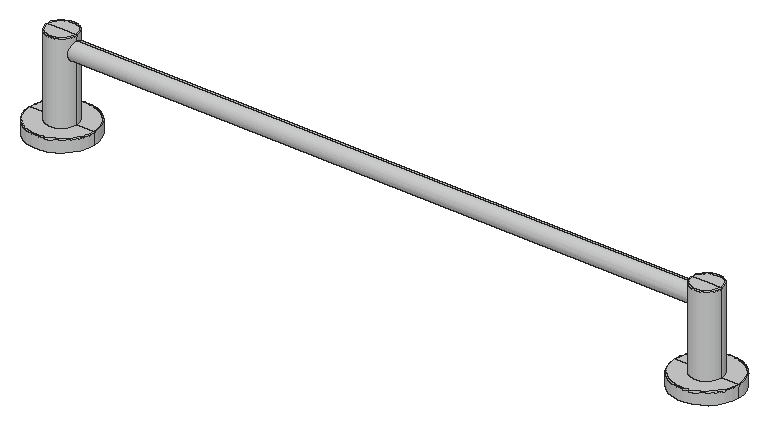
Revit family "TowelRail_Single_Abey_Builders_600_FaceBased", category Specialty Equipment, host Face, Revit 2022
Family settings
  Host = Face
  Round Connector Dimension = Use Diameter
  Part Type = Normal
  OmniClass Number = 23.31.25.25
  OmniClass Title = Towel Bars
  Cut with Voids When Loaded = No
  Maintain Annotation Orientation = No
  Shared = No
  Room Calculation Point = No
Parameters (values of type "Chrome (1AB-STR-600)")
  Uniclass2015Version = "Products v1.38"
  Uniclass2015Title = "Towel rails"
  Uniclass2015Code = "Pr_40_20_76_90"
  URL = "https://www.abey.com.au/"
  Type Comments = "Towel Rail - Single - 600 - Chrome"
  ModifiedIssue = 20251103
  Model = "1AB-STR-600"
  Material = Metal_Abey_Chrome
  ManufacturerURLProductSpecific = "https://www.abeyspecifier.com.au/product/abey-builders-single-towel-rail-600mm/"
  ManufacturerSpecCode = Model  # "1AB-STR-600"
  ManufacturerOverallWidth = 600 mm  # constant formula
  ManufacturerOverallHeight = 55 mm  # constant formula
  ManufacturerOverallDepth = 78 mm  # constant formula
  Manufacturer = "Abey"
  Keynote = ""
  IfcExportType = "NOTDEFINED"
  IfcExportAs = "IfcFurniture"
  Description = "Abey Builders Single Towel Rail 600mm Chrome"
  Default Elevation = 900 mm
  CreatedByURL = "https://igsgroup.com.au"
  CreatedBy = "IGS BIM Solutions"  # constant formula
  Cost = 0
  Assembly Code = "C1030210"
Types (3, lengths in mm): name | Type Comments | Model | Material | ManufacturerURLProductSpecific | ManufacturerSpecCode | Description
  Chrome (1AB-STR-600) | "Towel Rail - Single - 600 - Chrome" | "1AB-STR-600" | Metal_Abey_Chrome | "https://www.abeyspecifier.com.au/product/abey-builders-single-towel-rail-600mm/" | "1AB-STR-600" | "Abey Builders Single Towel Rail 600mm Chrome"
  Brushed Nickel (1AB-STR-600-BN) | "Towel Rail - Single - 600 - Brushed Nickel" | "1AB-STR-600-BN" | Metal_Abey_BrushedNickel | "https://www.abeyspecifier.com.au/product/abey-builders-single-towel-rail-600mm/?attribute_pa_finish=brushed-nickel" | "1AB-STR-600-BN" | "Abey Builders Single Towel Rail 600mm Brushed Nickel"
  Black (1AB-STR-600-B) | "Towel Rail - Single - 600 - Black" | "1AB-STR-600-B" | Metal_Abey_Black | "https://www.abeyspecifier.com.au/product/abey-builders-single-towel-rail-600mm/?attribute_pa_finish=black" | "1AB-STR-600-B" | "Abey Builders Single Towel Rail 600mm Black"
Reference planes
  plane 1 "Top": y = 46.5
  plane 2 "WallFace": z = 0
  plane 3 "Center (Left/Right)": x = -97.18
  plane 4 "Bottom": y = -8.5
  plane 5 "Left": x = -397.18
  plane 6 "Right": x = 202.82
  plane 7 "Back": z = 0
  plane 8 "Front": z = 78
  plane 9 "MountingHeight": y = 19
Text (mm)
  text "Disclaimer:\nDue to ongoing product development and manufacturing evolution, product details are subject to change without notice. Please refer to product technical data sheets on the manufacturers website for the most current product information. Please allow a +/- 5mm manufacturing tolerance for dimensions and set-outs shown in product literature." at (431.593, 11.453, 0), in view "Ref. Level"
Dimensions and locks
  equal spacing: plane 5 "Left", plane 3 "Center (Left/Right)", plane 6 "Right"
  "ManufacturerOverallWidth": plane 5 "Left" to plane 6 "Right"
  "ManufacturerOverallHeight": plane 4 "Bottom" to plane 1 "Top"
  "ManufacturerOverallDepth": plane 8 "Front" to plane 7 "Back"
  equal spacing: plane 4 "Bottom", plane 9 "MountingHeight", plane 1 "Top"
  aligned and locked: plane 2 "WallFace" to host face
  aligned and locked: level to host face
  aligned and locked: plane 7 "Back" to plane 2 "WallFace"
  aligned and locked: plane 7 "Back" to nested 1
  aligned and locked: plane 3 "Center (Left/Right)" to nested 1
  aligned and locked: nested 1 to plane 9 "MountingHeight"
Automatic sketch dimensions
  host sketch curve to host sketch curve = 894.338 mm
  host sketch curve to host sketch curve = 204.032 mm
Nested families
  nested 1: "z_TowelRail_Single_Abey_Builders_600" at (-34.68, 19, 177.5) x (1, 0, 0) z (0, 1, 0), type "Type 1"
Definition of nested family "z_TowelRail_Single_Abey_Builders_600"
  Parameters (values of type "Type 1")
    URL = "https://www.abey.com.au/"
    Type Comments = ""
    Model = ""
    ManufacturerOverallWidth = 600 mm  # constant formula
    ManufacturerOverallHeight = 55 mm  # constant formula
    ManufacturerOverallDepth = 78 mm  # constant formula
    Manufacturer = "Abey"
    Description = ""
    Default Elevation = 0 mm
    CreatedByURL = "https://igsgroup.com.au"
    CreatedBy = "IGS BIM Solutions"  # constant formula
    Material = none
    Assembly Code = "C1030210"
  Reference planes
    plane 1 "Ref. Level": z = 0
    plane 2 "Left": x = -362.5
    plane 3 "Right": x = 237.5
    plane 4 "Back": y = 177.5
    plane 5 "Center (Elevation)": z = 0
    plane 6 "Top": z = 27.5
    plane 7 "Center (Left/Right)": x = -62.5
    plane 8 "Front": y = 99.5
    plane 9 "Bottom": z = -27.5
  Forms (mm)
    Revolve 1, solid, material <- "Material"
      sketch origin (0, 0, 0) x (0, -1, 0) y (1, 0, 0)
        loop
          line (-177.5, -335) -> (-177.5, -362.5) -> (-168, -362.5)
          arc (-168, -362.5) -> (-167.646, -362.354) -> (-167.5, -362) r 0.5
          line (-167.5, -362) -> (-167.5, -347.5) -> (-100, -347.5)
          arc (-100, -347.5) -> (-99.646, -347.354) -> (-99.5, -347) r 0.5
          line (-99.5, -347) -> (-99.5, -335) -> (-177.5, -335)
        axis (-99.5, -335) -> (-177.5, -335)
      angle from 0 to 360
    Revolve 2, solid, material <- "Material"
      sketch origin (0, 0, 0) x (0, -1, 0) y (1, 0, 0)
        loop
          line (-177.5, 210) -> (-99.5, 210) -> (-99.5, 222)
          arc (-99.5, 222) -> (-99.646, 222.354) -> (-100, 222.5) r 0.5
          line (-100, 222.5) -> (-167.5, 222.5) -> (-167.5, 237)
          arc (-167.5, 237) -> (-167.646, 237.354) -> (-168, 237.5) r 0.5
          line (-168, 237.5) -> (-177.5, 237.5) -> (-177.5, 210)
        axis (-99.5, 210) -> (-177.5, 210)
      angle from 0 to 360
    Revolve 3, solid, material <- "Material"
      sketch origin (0, 0, 0) x (0, -1, 0) y (1, 0, 0)
        loop
          line (-104, -329.674) -> (-104, 205.895) -> (-111.5, 205.895) -> (-111.5, -329.674) -> (-104, -329.674)
        axis (-111.5, 205.895) -> (-111.5, -329.674)
      angle from 0 to 360
  Cuts and joins
    joined: Revolve 1, Revolve 2, Revolve 3
  Lines and regions (mm)
    Masking region 1
      outline origin (0, 0, 27.5) x (0, -1, 0) y (1, 0, 0)
        loop
          line (-177.5, -362.5) -> (-168, -362.5)
          arc (-168, -362.5) -> (-167.646, -362.354) -> (-167.5, -362) r 0.5
          line (-167.5, -362) -> (-167.5, -347.5) -> (-100, -347.5)
          arc (-100, -347.5) -> (-99.646, -347.354) -> (-99.5, -347) r 0.5
          line (-99.5, -347) -> (-99.5, -323)
          arc (-99.5, -323) -> (-99.646, -322.646) -> (-100, -322.5) r 0.5
          line (-100, -322.5) -> (-104, -322.5) -> (-104, 197.5) -> (-100, 197.5)
          arc (-100, 197.5) -> (-99.646, 197.646) -> (-99.5, 198) r 0.5
          line (-99.5, 198) -> (-99.5, 222)
          arc (-99.5, 222) -> (-99.646, 222.354) -> (-100, 222.5) r 0.5
          line (-100, 222.5) -> (-167.5, 222.5) -> (-167.5, 237)
          arc (-167.5, 237) -> (-167.646, 237.354) -> (-168, 237.5) r 0.5
          line (-168, 237.5) -> (-177.5, 237.5) -> (-177.5, 182.5) -> (-168, 182.5)
          arc (-168, 182.5) -> (-167.646, 182.646) -> (-167.5, 183) r 0.5
          line (-167.5, 183) -> (-167.5, 197.5) -> (-119, 197.5) -> (-119, -322.5) -> (-167.5, -322.5) -> (-167.5, -308)
          arc (-167.5, -308) -> (-167.646, -307.646) -> (-168, -307.5) r 0.5
          line (-168, -307.5) -> (-177.5, -307.5) -> (-177.5, -362.5)
    symbolic lines, detail levels medium+fine
      curve 1: line (-322.5, 119, 27.5) -> (-322.5, 104, 27.5)
      curve 2: line (197.5, 104, 27.5) -> (197.5, 119, 27.5)
      curve 3: line (-347.5, 167.5, 27.5) -> (-322.5, 167.5, 27.5)
      curve 4: line (197.5, 167.5, 27.5) -> (222.5, 167.5, 27.5)
  Dimensions and locks
    "ManufacturerOverallWidth": plane 2 "Left" to plane 3 "Right"
    equal spacing: plane 2 "Left", plane 7 "Center (Left/Right)", plane 3 "Right"
    "ManufacturerOverallDepth": plane 8 "Front" to plane 4 "Back"
    equal spacing: plane 6 "Top", plane 5 "Center (Elevation)", plane 9 "Bottom"
    "ManufacturerOverallHeight": plane 6 "Top" to plane 9 "Bottom"
    aligned and locked: level to plane 1 "Ref. Level"
  Automatic sketch dimensions
    Revolve 1 sketch curve to plane 2 "Left" = 0 mm
    plane 4 "Back" to Revolve 1 sketch curve = 0 mm  (x2)
    plane 8 "Front" to Revolve 1 sketch curve = 0 mm
    Revolve 1 sketch curve to Revolve 1 sketch curve = 9.5 mm
    plane 4 "Back" to Revolve 1 sketch curve = 10 mm
    Revolve 1 sketch curve to plane 8 "Front" = 0.5 mm
    Revolve 1 sketch curve to plane 4 "Back" = 12.5 mm
    Revolve 2 sketch curve to plane 3 "Right" = 0 mm
    plane 4 "Back" to Revolve 2 sketch curve = 0 mm  (x2)
    plane 8 "Front" to Revolve 2 sketch curve = 0 mm
    Revolve 2 sketch curve to Revolve 2 sketch curve = 9.5 mm
    plane 4 "Back" to Revolve 2 sketch curve = 10 mm
    Revolve 2 sketch curve to plane 8 "Front" = 0.5 mm
    plane 3 "Right" to Revolve 2 sketch curve = 15 mm
    Revolve 2 sketch curve to Revolve 2 sketch curve = 12 mm
    Revolve 2 sketch curve to plane 4 "Back" = 12.5 mm
    Revolve 2 sketch curve to Revolve 2 sketch curve = 0 mm
    Revolve 3 sketch curve to plane 8 "Front" = 12 mm
    Revolve 3 sketch curve to plane 8 "Front" = 4.5 mm
    plane 3 "Right" to Revolve 3 sketch curve = 31.605 mm
    Revolve 3 sketch curve to Revolve 3 sketch curve = 0 mm  (x2)
    Masking region 1 sketch curve to plane 2 "Left" = 0 mm
    plane 4 "Back" to Masking region 1 sketch curve = 0 mm  (x2)
    Masking region 1 sketch curve to plane 3 "Right" = 0 mm
    plane 8 "Front" to Masking region 1 sketch curve = 0 mm  (x2)
    plane 4 "Back" to Masking region 1 sketch curve = 9.5 mm
    Masking region 1 sketch curve to Masking region 1 sketch curve = 9.5 mm  (x3)
    Masking region 1 sketch curve to Masking region 1 sketch curve = 0.5 mm  (x3)
    plane 4 "Back" to Masking region 1 sketch curve = 10 mm  (x2)
    plane 3 "Right" to Masking region 1 sketch curve = 0.5 mm
    Masking region 1 sketch curve to plane 8 "Front" = 0.5 mm  (x2)
    Masking region 1 sketch curve to Masking region 1 sketch curve = 14.5 mm  (x3)
    Masking region 1 sketch curve to Masking region 1 sketch curve = 54.5 mm
    plane 3 "Right" to Masking region 1 sketch curve = 15.5 mm
    Masking region 1 sketch curve to plane 8 "Front" = 4.5 mm
    Masking region 1 sketch curve to Masking region 1 sketch curve = 15 mm
    Masking region 1 sketch curve to Masking region 1 sketch curve = 0 mm
    plane 4 "Back" to curve 4 = 10 mm
    plane 4 "Back" to curve 3 = 10 mm
    curve 2 to plane 8 "Front" = 19.5 mm
    curve 1 to plane 8 "Front" = 19.5 mm
    curve 2 to plane 8 "Front" = 4.5 mm
    curve 1 to plane 8 "Front" = 4.5 mm
    plane 3 "Right" to curve 2 = 40 mm
    plane 3 "Right" to curve 4 = 40 mm
    plane 3 "Right" to curve 4 = 15 mm
    plane 2 "Left" to curve 1 = 40 mm
    plane 2 "Left" to curve 3 = 40 mm
    plane 2 "Left" to curve 3 = 15 mm
    Revolve 1 sketch curve to Revolve 1 sketch curve = 14.5 mm
    Revolve 1 sketch curve to Revolve 1 sketch curve = 12 mm
    Revolve 1 sketch curve to Revolve 1 sketch curve = 0 mm
    plane 2 "Left" to Revolve 3 sketch curve = 32.826 mm
    Revolve 3 sketch curve to Revolve 3 sketch curve = 10 mm
    Masking region 1 sketch curve to Masking region 1 sketch curve = 24 mm
    Masking region 1 sketch curve to Masking region 1 sketch curve = 25 mm
